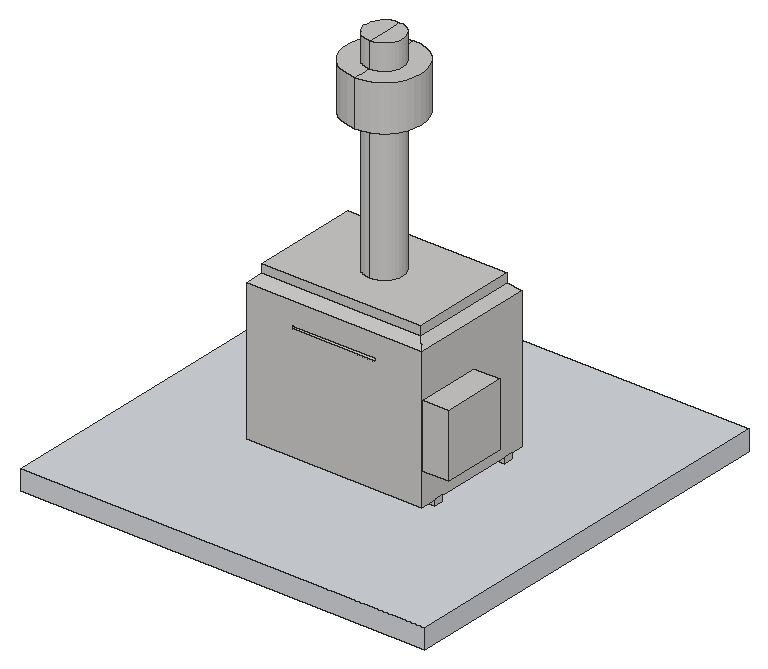
Revit family "DC_Rheem_PLM_Raypak_B0768HWT", category Plumbing Fixtures, host Face, Revit 2020
Family settings
  Host = Face
  Round Connector Dimension = Use Radius
  Part Type = Normal
  Cut with Voids When Loaded = No
  Shared = No
  Room Calculation Point = No
Parameters
  Width_ANZRS = 1055 mm
  URL = "http://www.rheem.com.au/downloads/PDF/Raypak_Mechanical_Heating_Brochure_July_09.pdf\r\n"
  Type Comments = "Recovery 2752L/h @ 50°C rise\r\n"
  TopH2_ANZRS = 275 mm
  TopH1_ANZRS = 150 mm
  TopDiaSmall_ANZRS = 225 mm
  TopDiaBig_ANZRS = 450 mm
  T_ANZRS = 50 mm
  Materials_ANZRS = Raypak - Grey Powder Coated Steel
  PVRDist_ANZRS = 85 mm
  PRV_ANZRS = 15 mm
  Model = "B0768PCM/HWT\r\n\r\n\r\n"
  Manufacturer = "Raypak\r\n"
  Length_ANZRS = 750 mm
  L1_ANZRS = 387 mm
  HotWateroutletradius_ANZRS = 32.5 mm
  HotWateroutletDiameter_ANZRS = HotWateroutletradius_ANZRS * 2  # 65 mm
  HotWaterConn.Dist_ANZRS = 155 mm
  Height_ANZRS = 2255 mm
  H1_ANZRS = 935 mm
  GasInletradius_ANZRS = 10 mm
  GasInletHeight_ANZRS = 435 mm
  GasInletDiameter_ANZRS = GasInletradius_ANZRS * 2  # 20 mm
  GasConn.Dist_ANZRS = 95 mm
  EleBoxW_ANZRS = 160 mm
  EleBoxHeightFromBase_ANZRS = 235 mm
  EleBoxHeight_ANZRS = 380 mm
  DesignBy_ANZRS = "Design Content ©"
  Description = "Raypak - Gas Water Heater- Outdoor - 720 MJ/h  Propane gas, modulating gas control\r\n"
  Default Elevation = 0 mm
  ConnHeight_ANZRS = 745 mm
  ColdWaterInletRadius_ANZRS = 32.5 mm
  ColdWaterInletDiameter_ANZRS = ColdWaterInletRadius_ANZRS * 2  # 65 mm
  ColdWaterConn.Dist_ANZRS = 280 mm
  BoxHeight_ANZRS = 975 mm
  Base1Dist_ANZRS = 75 mm
  BaseWidth_ANZRS = 55 mm
  BaseHeight_ANZRS = 35 mm
  Basae2Dist_ANZRS = 95 mm
  Author_ ANZRS = "DM"
  Assembly Code = ""
Types (5, lengths in mm): name | URL | Type Comments | Model | GasInletradius_ANZRS | GasInletDiameter_ANZRS | Description
  (no name) | "http://www.rheem.com.au/downloads/PDF/Raypak_Mechanical_Heating_Brochure_July_09.pdf\r\n" | "Recovery 2752L/h @ 50°C rise\r\n" | "B0768PCM/HWT\r\n\r\n\r\n" | 10 | 20 | "Raypak - Gas Water Heater- Outdoor - 720 MJ/h  Propane gas, modulating gas control\r\n"
  Raypak - Gas Water Heater- Outdoor - 765 MJ/h  Natural gas, modulating gas control | "http://www.rheem.com.au/CommercialProducts" | "Recovery 2924L/h @ 50°C rise\r\n" | "B0768NCM/HWT\r\n" | 20 | 40 | "Raypak - Gas Water Heater- Outdoor - 765 MJ/h  Natural gas, modulating gas control\r\n"
  Raypak - Gas Water Heater- Outdoor - 765 MJ/h  Natural gas, On/Off gas control | "http://www.rheem.com.au/CommercialProducts" | "Recovery 2924L/h @ 50°C rise\r\n" | "B0768NCO/HWT\r\n\r\n" | 20 | 40 | "Raypak - Gas Water Heater- Outdoor - 765 MJ/h  Natural gas, On/Off gas control\r\n"
  Raypak - Gas Water Heater- Outdoor - 720 MJ/h  Propane gas, modulating gas control | "http://www.rheem.com.au/CommercialProducts" | "Recovery 2752L/h @ 50°C rise\r\n" | "B0768PCM/HWT\r\n\r\n\r\n" | 10 | 20 | "Raypak - Gas Water Heater- Outdoor - 720 MJ/h  Propane gas, modulating gas control\r\n"
  Raypak - Gas Water Heater- Outdoor - 720 MJ/h  Propane gas, On/Off gas control | "http://www.rheem.com.au/CommercialProducts" | "Recovery 2752L/h @ 50°C rise\r\n" | "B0768PCO/HWT\r\n\r\n\r\n\r\n" | 16 | 32 | "Raypak - Gas Water Heater- Outdoor - 720 MJ/h  Propane gas, On/Off gas control\r\n"
Reference planes
  plane 1 "Center (Front/Back)": y = 0
  plane 2: z = 0
  plane 3 "Center (Left/Right)": x = 0
  plane 4: y = 375
  plane 5: y = -375
  plane 6: x = -527.5
  plane 7: x = 527.5
  plane 8: z = 35
  plane 9: z = 975
  plane 10: y = 300
  plane 11: y = 245
  plane 12: y = -225
  plane 13: y = -280
  plane 14: y = -280
  plane 15: y = 220
  plane 16: y = -60
  plane 17: z = 745
  plane 18: y = 290
  plane 19: y = 112.5
  plane 20: y = -112.5
  plane 21: y = 225
  plane 22: y = -225
  plane 23: z = 2255
  plane 24: z = 2105
  plane 25: z = 1830
  plane 26: y = 325
  plane 27: y = -325
  plane 28: z = 925
  plane 29: z = 875
  plane 30: z = 435
  plane 31: x = -225
  plane 32: x = 225
  plane 33: x = -112.5
  plane 34: x = 112.5
  plane 35: x = 687.5
  plane 36: z = 615
  plane 37: z = 235
  plane 38: z = 725
  plane 39: x = 250
  plane 40: x = -250
  plane 41: y = -365
  plane 42: x = -517.5
  plane 43: y = 10
Forms (mm)
  Extrusion 1, solid
    sketch origin (0, 0, 0) x (1, 0, 0) y (0, 1, 0)
      loop
        line (-1219.2, 1219.2) -> (-1219.2, -1219.2) -> (1219.2, -1219.2) -> (1219.2, 1219.2) -> (-1219.2, 1219.2)
    from 0 to -120
  Extrusion 2, solid, material "Raypak - Grey Powder Coated Steel" <- "Materials_ANZRS"
    sketch origin (0, 0, 0) x (1, 0, 0) y (0, 1, 0)
      loop
        line (-527.5, 375) -> (-527.5, -375) -> (527.5, -375) -> (527.5, 375) -> (-527.5, 375)
    from 35 to 975
  Sweep 3, void
    path origin (0, 0, 0) x (1, 0, 0) y (0, 1, 0)
      loop
        line (-527.5, 375) -> (-527.5, -375) -> (527.5, -375) -> (527.5, 375) -> (-527.5, 375)
    profile origin (0, 375, 0) x (0, 1, 0) y (0, 0, 1)
      loop
        line (-50, 975) -> (-50, 925) -> (0, 875) -> (0, 975) -> (-50, 975)
  Extrusion 4, solid, material "Raypak - Grey Powder Coated Steel" <- "Materials_ANZRS"
    sketch origin (0, 0, 0) x (0, 1, 0) y (0, 0, 1)
      loop
        line (300, 35) -> (245, 35) -> (245, 0) -> (300, 0) -> (300, 35)
      loop
        line (-225, 35) -> (-280, 35) -> (-280, 0) -> (-225, 0) -> (-225, 35)
    from -527.5 to 527.5
  Revolve 5, solid, material "Raypak - Grey Powder Coated Steel" <- "Materials_ANZRS"
    sketch origin (0, 0, 0) x (0, 1, 0) y (0, 0, 1)
      loop
        line (0, 2255) -> (-112.5, 2255) -> (-112.5, 2105) -> (-225, 2105) -> (-225, 1830) -> (-112.5, 1830) -> (-112.5, 975) -> (0, 975) -> (0, 2255)
      axis (0, 2255) -> (0, 975)
    angle from 0 to 360
  Extrusion 6, solid, material "Raypak - Grey Powder Coated Steel" <- "Materials_ANZRS"
    sketch origin (0, 0, 0) x (1, 0, 0) y (0, 0, 1)
      loop
        line (527.5, 615) -> (527.5, 235) -> (687.5, 235) -> (687.5, 615) -> (527.5, 615)
    from -10 to 375
  Extrusion 7, void
    sketch origin (0, 0, 0) x (1, 0, 0) y (0, 0, 1)
      loop
        line (-250, 745) -> (-250, 725) -> (250, 725) -> (250, 745) -> (-250, 745)
    from 344.946 to 375
  Extrusion 8, void
    sketch origin (0, 0, 0) x (0, 1, 0) y (0, 0, 1)
      loop
        circle (290, 745) r 15
      loop
        circle (220, 745) r 32.5
      loop
        circle (-60, 745) r 32.5
      loop
        circle (-280, 435) r 10
    from -527.5 to -517.5
Cuts and joins
  Sweep 3, Extrusion 7, Extrusion 8 cuts Extrusion 2
Lines and regions (mm)
  Masking region 1
    outline origin (0, 0, 0) x (1, 0, 0) y (0, 0, 1)
      loop
        line (225, 1830) -> (225, 2105) -> (112.5, 2105) -> (112.5, 2255) -> (-112.5, 2255) -> (-112.5, 2105) -> (-225, 2105) -> (-225, 1830) -> (-112.5, 1830) -> (-112.5, 975) -> (-477.5, 975) -> (-477.5, 925) -> (-527.5, 875) -> (-527.5, 0) -> (527.5, 0) -> (527.5, 235) -> (687.5, 235) -> (687.5, 615) -> (527.5, 615) -> (527.5, 875) -> (477.5, 925) -> (477.5, 975) -> (112.5, 975) -> (112.5, 1830) -> (225, 1830)
  Masking region 2
    outline origin (0, 0, 0) x (0, 1, 0) y (0, 0, 1)
      loop
        line (-112.5, 975) -> (-325, 975) -> (-325, 925) -> (-375, 875) -> (-375, 0) -> (375, 0) -> (375, 875) -> (325, 925) -> (325, 975) -> (112.5, 975) -> (112.5, 1830) -> (225, 1830) -> (225, 2105) -> (112.5, 2105) -> (112.5, 2255) -> (-112.5, 2255) -> (-112.5, 2105) -> (-225, 2105) -> (-225, 1830) -> (-112.5, 1830) -> (-112.5, 975)
  symbolic lines, style "Rheem Raypak", detail levels fine
    curve 1: line (527.5, 375, 0) -> (-527.5, 375, 0)
    curve 2: line (527.5, -375, 0) -> (527.5, 375, 0)
    curve 3: line (-527.5, -375, 0) -> (527.5, -375, 0)
    curve 4: line (-527.5, 375, 0) -> (-527.5, -375, 0)
    curve 5: line (-477.5, -325, 0) -> (-477.5, 325, 0)
    curve 6: line (-477.5, 325, 0) -> (477.5, 325, 0)
    curve 7: line (477.5, 325, 0) -> (477.5, -325, 0)
    curve 8: line (477.5, -325, 0) -> (-477.5, -325, 0)
    curve 9: line (527.5, 375, 0) -> (477.5, 325, 0)
    curve 10: line (477.5, -325, 0) -> (527.5, -375, 0)
    curve 11: line (-477.5, -325, 0) -> (-527.5, -375, 0)
    curve 12: line (-477.5, 325, 0) -> (-527.5, 375, 0)
    curve 13: arc (0, 225, 0) -> (225, 0, 0) -> (0, -225, 0) r 225
    curve 14: arc (0, -225, 0) -> (-225, 0, 0) -> (0, 225, 0) r 225
    curve 15: arc (0, -112.5, 0) -> (-112.5, 0, 0) -> (0, 112.5, 0) r 112.5
    curve 16: arc (0, 112.5, 0) -> (112.5, 0, 0) -> (0, -112.5, 0) r 112.5
    curve 17: line (687.5, -375, 0) -> (687.5, 10, 0)
    curve 18: line (687.5, 10, 0) -> (527.5, 10, 0)
    curve 19: line (527.5, -375, 0) -> (687.5, -375, 0)
    curve 20: line (477.5, 0, 975) -> (-477.5, 0, 975)
    curve 21: line (-477.5, 0, 925) -> (477.5, 0, 925)
    curve 22: line (477.5, 0, 975) -> (477.5, 0, 925)
    curve 23: line (-477.5, 0, 925) -> (-477.5, 0, 975)
    curve 24: line (-527.5, 0, 875) -> (-477.5, 0, 925)
    curve 25: line (477.5, 0, 925) -> (527.5, 0, 875)
    curve 26: line (527.5, 0, 875) -> (-527.5, 0, 875)
    curve 27: line (527.5, 0, 35) -> (527.5, 0, 875)
    curve 28: line (-527.5, 0, 875) -> (-527.5, 0, 35)
    curve 29: line (250, 0, 745) -> (-250, 0, 745)
    curve 30: line (-250, 0, 725) -> (250, 0, 725)
    curve 31: line (-250, 0, 745) -> (-250, 0, 725)
    curve 32: line (250, 0, 725) -> (250, 0, 745)
    curve 33: line (687.5, 0, 615) -> (527.5, 0, 615)
    curve 34: line (687.5, 0, 235) -> (687.5, 0, 615)
    curve 35: line (527.5, 0, 235) -> (687.5, 0, 235)
    curve 36: line (-527.5, 0, 35) -> (527.5, 0, 35)
    curve 37: line (-527.5, 0, 35) -> (-527.5, 0, 0)
    curve 38: line (527.5, 0, 0) -> (527.5, 0, 35)
    curve 39: line (-527.5, 0, 0) -> (527.5, 0, 0)
    curve 40: line (0, 0, 2105) -> (225, 0, 2105)
    curve 41: line (-225, 0, 2105) -> (0, 0, 2105)
    curve 42: line (-225, 0, 1830) -> (0, 0, 1830)
    curve 43: line (0, 0, 1830) -> (225, 0, 1830)
    curve 44: line (-112.5, 0, 2255) -> (0, 0, 2255)
    curve 45: line (0, 0, 2255) -> (112.5, 0, 2255)
    curve 46: line (-112.5, 0, 1830) -> (-112.5, 0, 975)
    curve 47: line (112.5, 0, 975) -> (112.5, 0, 1830)
    curve 48: line (112.5, 0, 2105) -> (112.5, 0, 2255)
    curve 49: line (-112.5, 0, 2255) -> (-112.5, 0, 2105)
    curve 50: line (0, 325, 975) -> (0, -325, 975)
    curve 51: line (0, 325, 925) -> (0, -325, 925)
    curve 52: line (0, -375, 875) -> (0, 375, 875)
    curve 53: line (0, -375, 875) -> (0, -325, 925)
    curve 54: line (0, -325, 925) -> (0, -325, 975)
    curve 55: line (0, 325, 975) -> (0, 325, 925)
    curve 56: line (0, 325, 925) -> (0, 375, 875)
    curve 57: line (0, 375, 35) -> (0, 375, 875)
    curve 58: line (0, -375, 875) -> (0, -375, 35)
    curve 59: line (0, -375, 35) -> (0, 375, 35)
    curve 60: line (0, 300, 0) -> (0, 300, 35)
    curve 61: line (0, 245, 35) -> (0, 245, 0)
    curve 62: line (0, 245, 0) -> (0, 300, 0)
    curve 63: line (0, -280, 35) -> (0, -280, 0)
    curve 64: line (0, -225, 0) -> (0, -225, 35)
    curve 65: line (0, -280, 0) -> (0, -225, 0)
    curve 66: line (0, -112.5, 2255) -> (0, 112.5, 2255)
    curve 67: line (0, -225, 2105) -> (0, 225, 2105)
    curve 68: line (0, -225, 1830) -> (0, 225, 1830)
    curve 69: line (0, -112.5, 1830) -> (0, -112.5, 975)
    curve 70: line (0, 112.5, 975) -> (0, 112.5, 1830)
    curve 71: line (0, 112.5, 2105) -> (0, 112.5, 2255)
    curve 72: line (0, -112.5, 2255) -> (0, -112.5, 2105)
Dimensions and locks
  equal spacing: plane 4, plane 1 "Center (Front/Back)", plane 5
  "Length_ANZRS": plane 4 to plane 5
  equal spacing: plane 6, plane 3 "Center (Left/Right)", plane 7
  "Width_ANZRS": plane 6 to plane 7
  "BaseHeight_ANZRS": plane 8 to Extrusion 1
  "BoxHeight_ANZRS": plane 9 to Extrusion 1
  "Base1Dist_ANZRS": plane 4 to plane 10
  "BaseWidth_ANZRS": plane 10 to plane 11
  "Basae2Dist_ANZRS": plane 13 to plane 5
  "BaseWidth_ANZRS": plane 12 to plane 13
  "GasConn.Dist_ANZRS": plane 14 to plane 5
  "HotWaterConn.Dist_ANZRS": plane 4 to plane 15
  "ColdWaterConn.Dist_ANZRS": plane 15 to plane 16
  "ConnHeight_ANZRS": plane 17 to Extrusion 1
  "PVRDist_ANZRS": plane 4 to plane 18
  equal spacing: plane 19, plane 1 "Center (Front/Back)", plane 20
  "TopDiaSmall_ANZRS": plane 19 to plane 20
  equal spacing: plane 21, plane 1 "Center (Front/Back)", plane 22
  "TopDiaBig_ANZRS": plane 21 to plane 22
  "Height_ANZRS": plane 23 to Extrusion 1
  "T_ANZRS": plane 4 to plane 26
  "T_ANZRS": plane 27 to plane 5
  equal spacing: plane 9, plane 28, plane 29
  "T_ANZRS": plane 28 to plane 29
  "TopH1_ANZRS": plane 23 to plane 24
  "TopH2_ANZRS": plane 24 to plane 25
  "GasInletHeight_ANZRS": plane 30 to Extrusion 1
  equal spacing: plane 33, plane 3 "Center (Left/Right)", plane 34
  equal spacing: plane 31, plane 3 "Center (Left/Right)", plane 32
  "TopDiaBig_ANZRS": plane 31 to plane 32
  "TopDiaSmall_ANZRS": plane 33 to plane 34
  "EleBoxW_ANZRS": plane 35 to plane 7
  "EleBoxHeight_ANZRS": plane 36 to plane 37
  "EleBoxHeightFromBase_ANZRS": plane 37 to Extrusion 1
  equal spacing: plane 39, plane 3 "Center (Left/Right)", plane 40
  plane 39 to plane 40 = 500 mm
  locked: plane 41 to plane 5 at 10
  locked: plane 6 to plane 42 at 10
  plane 4 to plane 5 = 750 mm
  plane 9 to level = 975 mm
  "GasInletradius_ANZRS": radius of Extrusion 8 sketch curve
  "ColdWaterInletRadius_ANZRS": radius of Extrusion 8 sketch curve
  "HotWateroutletradius_ANZRS": radius of Extrusion 8 sketch curve
  "PRV_ANZRS": radius of Extrusion 8 sketch curve
  aligned and locked: plane 2 to Extrusion 1
  aligned and locked: level to Extrusion 1
  aligned and locked: Extrusion 2 sketch curve to plane 4
  aligned and locked: plane 6 to Extrusion 2 sketch curve
  aligned and locked: Extrusion 2 sketch curve to plane 5
  aligned and locked: plane 7 to Extrusion 2 sketch curve
  aligned and locked: Extrusion 2 to plane 8
  aligned and locked: plane 9 to Extrusion 2
  aligned and locked: Sweep 3 sketch curve to Extrusion 2  (x4)
  aligned and locked: plane 26 to Sweep 3 sketch curve
  aligned and locked: plane 9 to Sweep 3 sketch curve
  aligned and locked: plane 4 to Sweep 3 sketch curve
  aligned and locked: plane 8 to Extrusion 4 sketch curve  (x2)
  aligned and locked: Extrusion 4 sketch curve to plane 10
  aligned and locked: Extrusion 4 sketch curve to level  (x2)
  aligned and locked: plane 11 to Extrusion 4 sketch curve
  aligned and locked: Extrusion 4 sketch curve to plane 12
  aligned and locked: plane 14 to Extrusion 4 sketch curve
  aligned and locked: Extrusion 4 to plane 6
  aligned and locked: Extrusion 4 to plane 7
  aligned and locked: plane 23 to Revolve 5 sketch curve
  aligned and locked: Revolve 5 sketch curve to plane 20
  aligned and locked: plane 24 to Revolve 5 sketch curve
  aligned and locked: Revolve 5 sketch curve to plane 25
  aligned and locked: Revolve 5 sketch curve to plane 22
  aligned and locked: plane 1 "Center (Front/Back)" to Revolve 5 sketch curve
  aligned and locked: plane 9 to Revolve 5 sketch curve
  aligned and locked: Extrusion 6 sketch curve to plane 36
  aligned and locked: Extrusion 6 sketch curve to plane 7
  aligned and locked: plane 37 to Extrusion 6 sketch curve
  aligned and locked: Extrusion 6 sketch curve to plane 35
  aligned and locked: Extrusion 7 sketch curve to plane 17
  aligned and locked: plane 40 to Extrusion 7 sketch curve
  aligned and locked: plane 38 to Extrusion 7 sketch curve
  aligned and locked: Extrusion 7 sketch curve to plane 39
  aligned and locked: plane 5 to Extrusion 7
  aligned and locked: plane 17 to Extrusion 8 sketch curve  (x3)
  aligned and locked: plane 18 to Extrusion 8 sketch curve
  aligned and locked: plane 15 to Extrusion 8 sketch curve
  aligned and locked: plane 16 to Extrusion 8 sketch curve
  aligned and locked: plane 14 to Extrusion 8 sketch curve
  aligned and locked: plane 30 to Extrusion 8 sketch curve
  aligned and locked: Extrusion 8 to plane 6
  aligned and locked: Extrusion 8 to plane 42
  aligned and locked: plane 32 to Masking region 1 sketch curve
  aligned and locked: Masking region 1 sketch curve to plane 31
  aligned and locked: Masking region 1 sketch curve to plane 33
  aligned and locked: Masking region 1 sketch curve to plane 34
  aligned and locked: Masking region 1 sketch curve to plane 23
  aligned and locked: plane 25 to Masking region 1 sketch curve
  aligned and locked: Masking region 1 sketch curve to plane 9
  aligned and locked: plane 7 to Masking region 1 sketch curve
  aligned and locked: Masking region 1 sketch curve to plane 6
  aligned and locked: Masking region 1 sketch curve to plane 36
  aligned and locked: Masking region 1 sketch curve to plane 35
  aligned and locked: Masking region 1 sketch curve to plane 37
  aligned and locked: Masking region 1 sketch curve to plane 2
  aligned and locked: Masking region 1 sketch curve to cut or joined group of Extrusion 2, Sweep 3, Extrusion 7, Extrusion 8  (x2)
  aligned and locked: Masking region 1 sketch curve to plane 24
  aligned and locked: Masking region 2 sketch curve to plane 20
  aligned and locked: Masking region 2 sketch curve to plane 19
  aligned and locked: plane 23 to Masking region 2 sketch curve
  aligned and locked: plane 24 to Masking region 2 sketch curve
  aligned and locked: Masking region 2 sketch curve to plane 25
  aligned and locked: plane 21 to Masking region 2 sketch curve
  aligned and locked: Masking region 2 sketch curve to plane 22
  aligned and locked: plane 9 to Masking region 2 sketch curve
  aligned and locked: plane 26 to Masking region 2 sketch curve
  aligned and locked: Masking region 2 sketch curve to plane 27
  aligned and locked: Masking region 2 sketch curve to plane 5
  aligned and locked: plane 4 to Masking region 2 sketch curve
  aligned and locked: Extrusion 1 to Masking region 2 sketch curve
  aligned: plane 4 to Extrusion 6
  aligned and locked: plane 5 to Extrusion 6
  aligned and locked: Extrusion 6 to plane 43
Automatic sketch dimensions
  Extrusion 1 sketch curve to Extrusion 1 sketch curve = 2438.4 mm  (x2)
  Sweep 3 sketch curve to Sweep 3 sketch curve = 50 mm  (x2)
  Revolve 5 sketch curve to plane 1 "Center (Front/Back)" = 0 mm
  Revolve 5 sketch curve to level = 2207.352 mm
  Revolve 5 sketch curve to plane 20 = 0 mm
  plane 23 to Revolve 5 sketch curve = 213.807 mm
  plane 7 to Masking region 1 sketch curve = 0 mm
  Masking region 1 sketch curve to plane 28 = 0 mm  (x2)
  Masking region 1 sketch curve to plane 29 = 0 mm  (x2)
  Masking region 1 sketch curve to plane 9 = 0 mm
  Masking region 1 sketch curve to plane 34 = 0 mm
  Masking region 1 sketch curve to plane 24 = 0 mm
  Masking region 1 sketch curve to plane 25 = 0 mm
  plane 33 to Masking region 1 sketch curve = 0 mm
  Masking region 2 sketch curve to plane 29 = 0 mm  (x2)
  Masking region 2 sketch curve to plane 28 = 0 mm  (x2)
  Masking region 2 sketch curve to plane 9 = 0 mm
  Masking region 2 sketch curve to plane 20 = 0 mm
  plane 25 to Masking region 2 sketch curve = 0 mm
  Masking region 2 sketch curve to plane 19 = 0 mm
  Masking region 2 sketch curve to plane 24 = 0 mm
  curve 39 to level = 0 mm
  curve 28 to plane 6 = 0 mm
  curve 30 to plane 38 = 0 mm
  curve 30 to plane 40 = 0 mm
  plane 31 to curve 41 = 0 mm
  plane 31 to curve 42 = 0 mm
  plane 33 to curve 46 = 0 mm
  curve 49 to plane 23 = 0 mm
  plane 33 to curve 49 = 0 mm
  curve 41 to plane 3 "Center (Left/Right)" = 0 mm
  curve 43 to plane 3 "Center (Left/Right)" = 0 mm
  curve 44 to plane 3 "Center (Left/Right)" = 0 mm
  plane 34 to curve 47 = 0 mm
  curve 45 to plane 34 = 0 mm
  curve 43 to plane 32 = 0 mm
  curve 40 to plane 32 = 0 mm
  curve 32 to plane 17 = 0 mm
  curve 30 to plane 39 = 0 mm
  curve 22 to plane 9 = 0 mm
  curve 25 to plane 28 = 0 mm
  plane 7 to curve 35 = 0 mm
  curve 34 to plane 35 = 0 mm
  curve 28 to plane 8 = 0 mm
  curve 35 to plane 37 = 0 mm
  curve 34 to plane 36 = 0 mm
  curve 25 to plane 29 = 0 mm
  curve 24 to plane 42 = 40 mm
  plane 7 to curve 22 = 50 mm
  curve 46 to plane 25 = 0 mm
  plane 24 to curve 48 = 0 mm
  curve 58 to plane 5 = 0 mm
  curve 54 to plane 27 = 0 mm
  curve 63 to plane 13 = 0 mm
  curve 64 to plane 8 = 0 mm
  curve 64 to plane 12 = 0 mm
  curve 68 to plane 12 = 0 mm
  curve 67 to plane 12 = 0 mm
  curve 69 to plane 20 = 0 mm
  curve 72 to plane 20 = 0 mm
  curve 71 to plane 19 = 0 mm
  curve 70 to plane 19 = 0 mm
  curve 68 to plane 21 = 0 mm
  curve 67 to plane 21 = 0 mm
  curve 61 to level = 0 mm
  curve 62 to plane 11 = 0 mm
  curve 60 to plane 10 = 0 mm
  curve 51 to plane 26 = 0 mm
  curve 57 to plane 4 = 0 mm
  curve 63 to level = 0 mm
  curve 58 to plane 29 = 0 mm
  curve 54 to plane 28 = 0 mm
  curve 70 to plane 9 = 0 mm
  curve 72 to plane 23 = 0 mm
  curve 68 to plane 25 = 0 mm
  plane 24 to curve 67 = 0 mm
  curve 13 to curve 15 = 0 mm  (x2)
  plane 5 to curve 11 = 0 mm
  curve 11 to plane 6 = 0 mm
  curve 8 to plane 27 = 0 mm
  plane 26 to curve 5 = 0 mm
  curve 16 to plane 3 "Center (Left/Right)" = 0 mm
  curve 10 to plane 7 = 0 mm
  curve 17 to plane 35 = 0 mm
  plane 12 to curve 14 = 0 mm
  plane 20 to curve 15 = 0 mm
  plane 1 "Center (Front/Back)" to curve 16 = 0 mm
  plane 43 to curve 17 = 0 mm
  curve 12 to plane 4 = 0 mm
  curve 8 to plane 42 = 40 mm
  plane 7 to curve 7 = 50 mm
Connectors
  piping at (-527.5, 290, 745), diameter 30, driven by "PRV_ANZRS"
    settings: on cut or joined group of Extrusion 2, Sweep 3, Extrusion 7, Extrusion 8, index 1, connector inside diameter 1.1811", connector length 0 mm, flow factor 0, pipe flow 0 GPM, pressure drop 0.00 psi, fitting loss kfactor 0, connector angle 0.00°, fixture units 0, engagement length 0 mm, angle of deflection 0.00°, flow configuration 1, flow direction 1, fitting loss method 0, system type 22, joint type 0, gender type 0, connector reference index -1, connector utility 0, adjustable connector no, is connector primary yes, connector description "PRV"
  piping at (-527.5, 220, 745), diameter 65, driven by "HotWateroutletradius_ANZRS"
    settings: on cut or joined group of Extrusion 2, Sweep 3, Extrusion 7, Extrusion 8, index 2, connector inside diameter 2.55906", connector length 0 mm, flow factor 0, pipe flow 0 GPM, pressure drop 0.00 psi, fitting loss kfactor 0, connector angle 0.00°, fixture units 0, engagement length 0 mm, angle of deflection 0.00°, flow configuration 1, flow direction 2, fitting loss method 0, system type 19, joint type 0, gender type 0, connector reference index -1, connector utility 0, adjustable connector no, is connector primary no, connector description ""
  piping at (-527.5, -60, 745), diameter 65, driven by "ColdWaterInletRadius_ANZRS"
    settings: on cut or joined group of Extrusion 2, Sweep 3, Extrusion 7, Extrusion 8, index 3, connector inside diameter 2.55906", connector length 0 mm, flow factor 0, pipe flow 0 GPM, pressure drop 0.00 psi, fitting loss kfactor 0, connector angle 0.00°, fixture units 0, engagement length 0 mm, angle of deflection 0.00°, flow configuration 1, flow direction 1, fitting loss method 0, system type 20, joint type 0, gender type 0, connector reference index -1, connector utility 0, adjustable connector no, is connector primary no, connector description ""
  piping at (-527.5, -280, 435), diameter 20, driven by "GasInletradius_ANZRS"
    settings: on cut or joined group of Extrusion 2, Sweep 3, Extrusion 7, Extrusion 8, index 4, connector inside diameter 0.7874", connector length 0 mm, flow factor 0, pipe flow 0 GPM, pressure drop 0.00 psi, fitting loss kfactor 0, connector angle 0.00°, fixture units 0, engagement length 0 mm, angle of deflection 0.00°, flow configuration 1, flow direction 1, fitting loss method 0, system type 22, joint type 0, gender type 0, connector reference index -1, connector utility 0, adjustable connector no, is connector primary no, connector description "Gas"
